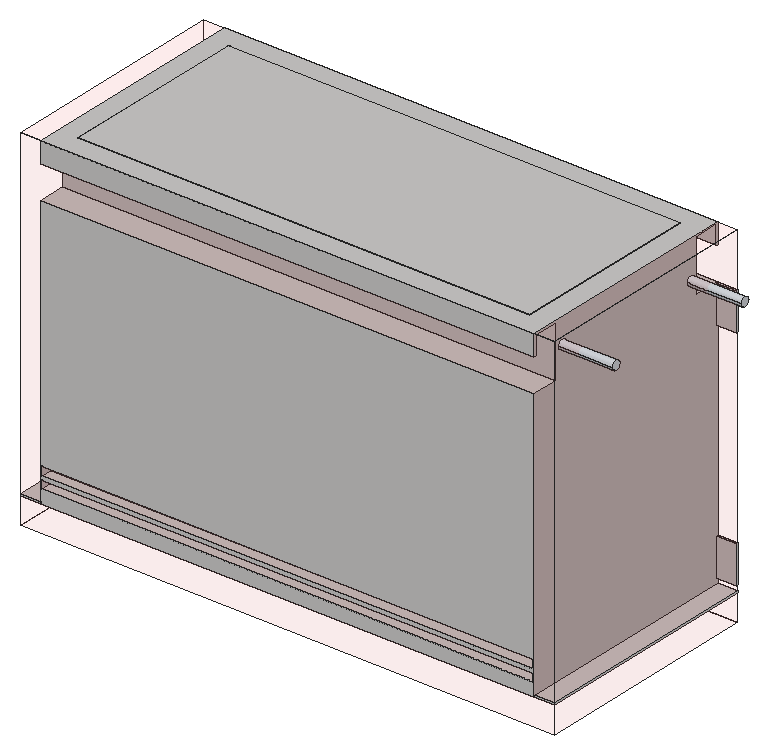
Revit family "Air-Curtain_Climate-Control_PoweredAire_ECE-ST", category Mechanical Equipment, host Face, Revit 2018
Family settings
  Host = Face
  Round Connector Dimension = Use Diameter
  Part Type = Normal
  OmniClass Number = 23.75.35.17.21
  OmniClass Title = Air Curtains
  Cut with Voids When Loaded = No
  Shared = No
  Room Calculation Point = No
Parameters
  upperrotation [instance] = if(Upper Pipe Connection Side A, 0.00°, 180.00°)  # 0.00°
  lowerrotation [instance] = if(Lower Pipe Connection Side A, 0.00°, 180.00°)  # 0.00°
  locateupperpipe [instance] = if(Upper Pipe Connection Side A, 0' 0", Nozzle Width)  # 0' - 0"
  locatelowerpipe [instance] = if(Lower Pipe Connection Side A, 0' 0", Nozzle Width)  # 0' - 0"
  Warranty Duration (Years) = 0
  Upper Pipe Connection Side A [instance] = yes
  Unit Width Notes = "Other Widths available."  # constant formula
  Unit Width = 3' - 3"
  Unit Weight = 0
  Unit Height = 1' - 4 3/4"
  Unit Depth [instance] = if(Include Filters, 2' 1 7/8", 1' 11 3/4")  # 1' - 11 3/4"
  URL = "http://www.poweredaire.com/"
  Test Data = ""
  Temperature Rise_Range = "as Specified"
  Standards Conformance = "as Specified"
  Specification = "http://www.arcat.com/sdspecs/htm04/23_34_33pai.htm"
  SpecWizard = ""
  Sound Pressure = "as Specified"
  Sales Information = "http://www.poweredaire.com/contact_us"
  Revision = "R1_2016-08"
  Projection from Host [instance] = 0' - 2"
  Product Properties = ""
  Product Data = "http://www.arcat.com/arcatcos/cos47/arc47623.html"
  Power Rating = 0 W
  Piping_Water Flow [instance] = 0 GPM
  Piping_Operating Pressure [instance] = 0.00 psi
  Piping_Exit Temperature [instance] = 0 °F
  Piping_Entry Temperature [instance] = 0 °F
  Pipe OD [instance] = 5/8"
  Outlet Volume_Range = "as Specified"
  Outlet Velocity_Range = "as Specified"
  Nozzle Width = if(1 = 1, Unit Width - 0' 3", 0' 0")  # 3' - 0"
  Mounting Width = if(1 = 1, Unit Width - 0' 1 1/2", 0' 0")  # 3' - 1 1/2"
  Mounting Height [instance] = 3' - 6"
  Motor RPM = 0
  Motor HP = 0
  Motor Count = 0
  Model = "As Specified"
  Max Height = 0' - 0"
  Manufacturer Website = "http://www.poweredaire.com/"
  Manufacturer Phone - Toll Free = "888-321-2473"
  Manufacturer Phone = "724-588-3305"
  Manufacturer Fax = "724-588-3371"
  Manufacturer Address = "109 Mortensen Rd.  Greenville, PA 16125"
  Manufacturer = "Powered Aire, Inc"
  Maintenance Schedule (Months) = 0
  Lower Pipe Connection Side A [instance] = yes
  Keynote = "23 34 33"
  Installation-Fabrication = ""
  Installation Phase = ""
  Include Filters [instance] = no
  Include Clearance [instance] = yes
  Heating Element Load = 0 W
  HVAC_Temperature Rise [instance] = 0 °F
  HVAC_Outlet Volume [instance] = 0 CFM
  HVAC_Outlet Velocity Uniformity = 0
  HVAC_Outlet Velocity [instance] = 0 FPM
  HVAC_BTU Input = 0.0 Btu/h
  Green Building-LEED = "http://www.arcat.com/green/clients/leed_data_47623.html"
  Front Grating Material [instance] = Metal - Steel - PoweredAire - Stainless 304 Perforated
  Frame Finish [instance] = Metal - Steel - PoweredAire - Stainless 304
  Expected Lifespan (Years) = 0
  Electrical_Wattage [instance] = Power Rating + Heating Element Load  # 0 W
  Electrical_Voltage [instance] = 0 V
  Electrical_Phase [instance] = 1
  Electrical_Frequency [instance] = 0 Hz
  Electrical_Amperage [instance] = 0 A
  Drawn By = "Sumex Design, Inc. / Robert S. Weygant, CSI, CDT, SCIP"
  Description = "Powered Aire Air Curtain as Specified"
  Default Elevation = 0' - 0"  # constant formula
  Copyright = "©Arcat Inc."
  Construction Details = "http://www.arcat.com/details/powair/prod3336.html"
  Clearance_Top [instance] = 0' - 0"
  Clearance_Side B [instance] = 0' - 0"
  Clearance_Side A [instance] = 0' - 0"
  Clearance_Intake [instance] = 0' - 0"
  Clearance_Bottom [instance] = 0' - 0"
  Clearance Material [instance] = ARCAT Clearance
  Building Codes = ""
  Available Options [instance] = "as Specified"
  Assembly Code = "D3090400"
Reference planes (in)
  plane 1 "Center (Elevation)": y = 0.13818
  plane 2: z = 0
  plane 3 "Center (Left/Right)": x = 0
  plane 4: y = 8.51318
  plane 5: y = -8.23682
  plane 6: x = -19.5
  plane 7: x = 19.5
  plane 8: z = 25.75
  plane 9 "FF": y = -41.86182
  plane 10: z = 2
  plane 11: x = 18
  plane 12: x = -18
  plane 13: y = 8.51318
  plane 14: y = -8.23682
  plane 15: x = -19.5
  plane 16: x = 19.5
  plane 17: z = 25.75
  plane 18: x = 17.9375
  plane 19: x = -17.9375
  plane 20: x = 18
  plane 21: x = 18
  plane 22: y = 6.01318
  plane 23: y = -5.73682
Forms (in)
  Extrusion 1, solid, material "Metal - Steel - PoweredAire - Stainless 304" <- "Frame Finish"
    sketch origin (0, 0, 0) x (0, 1, 0) y (0, 0, 1)
      loop
        line (-8.23682, 2) -> (8.51318, 2) -> (8.51318, 21.8125) -> (6.51318, 21.8125) -> (6.51318, 25.625) -> (8.38818, 25.625) -> (8.38818, 24.25) -> (8.51318, 24.25) -> (8.51318, 25.75) -> (-8.23682, 25.75) -> (-8.23682, 24.25) -> (-8.11182, 24.25) -> (-8.11182, 25.625) -> (-6.23682, 25.625) -> (-6.23682, 21.8125) -> (-8.23682, 21.8125) -> (-8.23682, 2)
    from -18 to 18
  Extrusion 2, solid, material "ARCAT Clearance" <- "Clearance Material", visible <- "Include Clearance"
    sketch origin (0, 0, 0) x (0, 1, 0) y (0, 0, 1)
      loop
        line (-8.23682, 25.75) -> (-8.23682, 0) -> (8.51318, 0) -> (8.51318, 25.75) -> (-8.23682, 25.75)
    from -19.5 to 19.5
  Extrusion 3, solid, material "Metal - Steel - PoweredAire - Stainless 304" <- "Frame Finish"
    sketch origin (-15.17702, -180, 2) x (-1, 0, 0) y (0, -1, 0)
      loop
        line (-33.17702, -188.51318) -> (-33.17702, -171.76318) -> (-34.67702, -171.76318) -> (-34.67702, -188.51318) -> (-33.17702, -188.51318)
      loop
        line (2.82298, -188.51318) -> (4.32298, -188.51318) -> (4.32298, -171.76318) -> (2.82298, -171.76318) -> (2.82298, -188.51318)
    from 0 to 0.125
  Extrusion 4, solid, material "Metal - Steel - PoweredAire - Stainless 304" <- "Frame Finish"
    sketch origin (-11.83813, 8.51318, 48) x (-1, 0, 0) y (0, 0, 1)
      loop
        line (-29.83813, -45.5) -> (-29.83813, -42.75) -> (-31.33813, -42.75) -> (-31.33813, -45.5) -> (-29.83813, -45.5)
      loop
        line (-29.83813, -28.9375) -> (-29.83813, -26.1875) -> (-31.33813, -26.1875) -> (-31.33813, -28.9375) -> (-29.83813, -28.9375)
      loop
        line (6.16187, -45.5) -> (7.66187, -45.5) -> (7.66187, -42.75) -> (6.16187, -42.75) -> (6.16187, -45.5)
      loop
        line (6.16187, -28.9375) -> (7.66187, -28.9375) -> (7.66187, -26.1875) -> (6.16187, -26.1875) -> (6.16187, -28.9375)
    from 0 to -0.125
  Extrusion 5, void
    sketch origin (0, 0, 0) x (0, 1, 0) y (0, 0, 1)
      loop
        line (-8.23682, 3) -> (-7.23682, 3) -> (-7.23682, 4.5) -> (-8.23682, 4.5) -> (-8.23682, 3.82425) -> (-7.38364, 3.82425) -> (-7.38364, 3.57425) -> (-8.23682, 3.57425) -> (-8.23682, 3)
    from -17.9375 to 17.9375
  Extrusion 6, solid, material "Metal - Steel - PoweredAire - Stainless 304 Perforated" <- "Front Grating Material"
    sketch origin (0, -8.23682, 25.75) x (0, 1, 0) y (-1, 0, 0)
      loop
        line (15.25, 16.5) -> (1.5, 16.5) -> (1.5, -16.5) -> (15.25, -16.5) -> (15.25, 16.5)
    from 0 to 0.03125
  Sweep 7, solid
    path origin (18, 6.01318, 0) x (1, 0, 0) y (0, 1, 0)
      loop
        line (0, 0) -> (4, 0)
    profile origin (20, 6.01318, 0) x (0, 1, 0) y (0, 0, 1)
      loop
        circle (0, 23) r 0.3125
  Sweep 8, solid
    path origin (18, -5.73682, 0) x (1, 0, 0) y (0, 1, 0)
      loop
        line (0, 0) -> (4, 0)
    profile origin (20, -5.73682, 0) x (0, 1, 0) y (0, 0, 1)
      loop
        circle (0, 24) r 0.3125
Cuts and joins
  Extrusion 5 cuts Extrusion 1
Lines and regions (in)
  reference lines
    curve 1: line (18, 6.01318, 0) -> (22.75, 6.01318, 0)
    curve 2: line (18, -5.73682, 0) -> (23.75, -5.73682, 0)
Dimensions and locks (in)
  equal spacing: plane 4, plane 1 "Center (Elevation)", plane 5
  "Unit Height": plane 4 to plane 5
  equal spacing: plane 6, plane 3 "Center (Left/Right)", plane 7
  "Unit Width": plane 6 to plane 7
  "Mounting Height": plane 1 "Center (Elevation)" to plane 9 "FF"
  "Projection from Host": plane 10 to level
  "Unit Depth": plane 8 to plane 10
  locked: plane 6 to plane 12 at 1.5
  locked: plane 11 to plane 7 at 1.5
  "Clearance_Side A": plane 7 to plane 16
  "Clearance_Side B": plane 15 to plane 6
  "Clearance_Top": plane 13 to plane 4
  "Clearance_Bottom": plane 5 to plane 14
  "Clearance_Intake": plane 17 to plane 8
  plane 5 to Extrusion 1 sketch curve to Extrusion 1 sketch curve = 0' - 0 1/8" locked, 0' - 1 7/8" locked
  Extrusion 1 sketch curve to Extrusion 1 sketch curve to plane 4 = 0' - 1 7/8" locked, 0' - 0 1/8" locked
  Extrusion 4 sketch curve to Extrusion 4 sketch curve to Extrusion 4 sketch curve to Extrusion 4 sketch curve to plane 10 = 0' - 2 3/4" locked, 1' - 1 13/16" locked, 0' - 2 3/4" locked, 0' - 0 1/2" locked
  Extrusion 4 sketch curve to Extrusion 4 sketch curve to Extrusion 4 sketch curve to Extrusion 4 sketch curve = 0' - 2 3/4" locked, 1' - 1 13/16" locked, 0' - 2 3/4" locked
  locked: Extrusion 4 sketch curve to plane 10 at 0.5
  plane 8 to Extrusion 1 sketch curve to Extrusion 1 sketch curve = 0' - 0 1/8" locked, 0' - 1 3/8" locked  (x2)
  locked: Extrusion 1 sketch curve to plane 10 at 19.8125  (x2)
  Extrusion 5 sketch curve to Extrusion 5 sketch curve to Extrusion 5 sketch curve to Extrusion 5 sketch curve to plane 10 = 0' - 0.67575" locked, 0' - 0 1/4" locked, 0' - 0.57425" locked, 0' - 1" locked
  plane 5 to Extrusion 5 sketch curve to Extrusion 5 sketch curve = 0' - 0.85319" locked, 0' - 0.14681" locked
  locked: plane 19 to plane 12 at 0.0625
  locked: plane 11 to plane 18 at 0.0625
  locked: plane 4 to Extrusion 6 sketch curve at 1.5
  locked: Extrusion 6 sketch curve to plane 5 at 1.5
  locked: Extrusion 6 sketch curve to plane 11 at 1.5
  locked: plane 12 to Extrusion 6 sketch curve at 1.5
  "locateupperpipe": plane 20 to plane 11
  "locatelowerpipe": plane 21 to plane 11
  locked: plane 4 to plane 22 at 2.5
  locked: plane 23 to plane 5 at 2.5
  locked: curve 1 to Sweep 7 sketch curve at 4
  locked: curve 1 to Sweep 7 sketch curve
  locked: Sweep 7 sketch curve to plane 10 at 21
  locked: curve 2 to Sweep 8 sketch curve at 4
  locked: curve 2 to Sweep 8 sketch curve
  locked: Sweep 8 sketch curve to plane 10 at 22
  "upperrotation": angle plane 22 to curve 1
  "lowerrotation": angle plane 23 to curve 2
  aligned and locked: plane 2 to host face
  aligned and locked: level to host face
  aligned and locked: Extrusion 2 sketch curve to plane 17
  aligned and locked: plane 14 to Extrusion 2 sketch curve
  aligned and locked: level to Extrusion 2 sketch curve
  aligned and locked: Extrusion 2 sketch curve to plane 13
  aligned and locked: plane 16 to Extrusion 2
  aligned and locked: Extrusion 2 to plane 15
  aligned and locked: plane 11 to Extrusion 1
  aligned and locked: Extrusion 1 to plane 12
  aligned and locked: plane 21 to curve 2
  aligned and locked: plane 23 to curve 2
  aligned and locked: plane 22 to curve 1
  aligned and locked: plane 20 to curve 1
Automatic sketch dimensions
  host sketch curve to host sketch curve = 8' - 0"  (x2)
  Extrusion 1 sketch curve to plane 5 = 0' - 0"  (x2)
  Extrusion 1 sketch curve to plane 4 = 0' - 0"  (x2)
  Extrusion 1 sketch curve to plane 10 = 0' - 0"
  Extrusion 1 sketch curve to plane 8 = 0' - 0"
  plane 4 to Extrusion 3 sketch curve = 0' - 0"
  Extrusion 3 sketch curve to plane 7 = 0' - 0"
  plane 5 to Extrusion 3 sketch curve = 0' - 0"
  Extrusion 3 sketch curve to plane 11 = 0' - 0"
  Extrusion 3 sketch curve to plane 4 = 0' - 0"
  Extrusion 3 sketch curve to plane 12 = 0' - 0"
  Extrusion 3 sketch curve to plane 6 = 0' - 0"
  Extrusion 3 sketch curve to plane 5 = 0' - 0"
  Extrusion 4 sketch curve to plane 7 = 0' - 0"  (x2)
  Extrusion 4 sketch curve to plane 11 = 0' - 0"  (x2)
  Extrusion 4 sketch curve to plane 12 = 0' - 0"  (x2)
  Extrusion 4 sketch curve to plane 6 = 0' - 0"  (x2)
  Extrusion 5 sketch curve to plane 5 = 0' - 0"  (x2)
  Sweep 7 sketch curve to profile plane = 0' - 0"
  Sweep 8 sketch curve to profile plane = 0' - 0"
  radius of Sweep 7 sketch curve = 0' - 0 5/16"
  radius of Sweep 8 sketch curve = 0' - 0 5/16"
Connectors (in)
  piping at (22, 6.01318, 23), diameter 0.625, driven by "Pipe OD", driven by "Piping_Water Flow"
    settings: on Sweep 7, index 1, connector inside diameter 24", connector length 0' - 0", flow factor 0, pipe flow 0 GPM, pressure drop 0.00 psi, fitting loss kfactor 0, connector angle 0.00°, fixture units 0, engagement length 0' - 0", angle of deflection 0.00°, flow configuration 0, flow direction 0, fitting loss method 0, system type 29, joint type 0, gender type 0, connector reference index -1, connector utility 0, adjustable connector no, is connector primary yes, connector description "Define Supply or Return and Location"
  piping at (22, -5.73682, 24), diameter 0.625, driven by "Pipe OD", driven by "Piping_Water Flow"
    settings: on Sweep 8, index 2, connector inside diameter 24", connector length 0' - 0", flow factor 0, pipe flow 0 GPM, pressure drop 0.00 psi, fitting loss kfactor 0, connector angle 0.00°, fixture units 0, engagement length 0' - 0", angle of deflection 0.00°, flow configuration 0, flow direction 0, fitting loss method 0, system type 29, joint type 0, gender type 0, connector reference index -1, connector utility 0, adjustable connector no, is connector primary no, connector description "Define Supply or Return and Location"
  electrical at (-18, 0.13818, 21.39062), driven by "Electrical_Voltage", driven by "Electrical_Phase"
    settings: on cut or joined group of Extrusion 1, Extrusion 5, index 3, voltage 0 V, apparent load 0 VA, apparent load phase1 0 VA, apparent load phase2 0 VA, apparent load phase3 0 VA, power factor 1, load classification "Motor", number of poles 1, system type 31, power factor state 1, is connector primary yes, connector utility no, sub classification motor no, connector description ""
